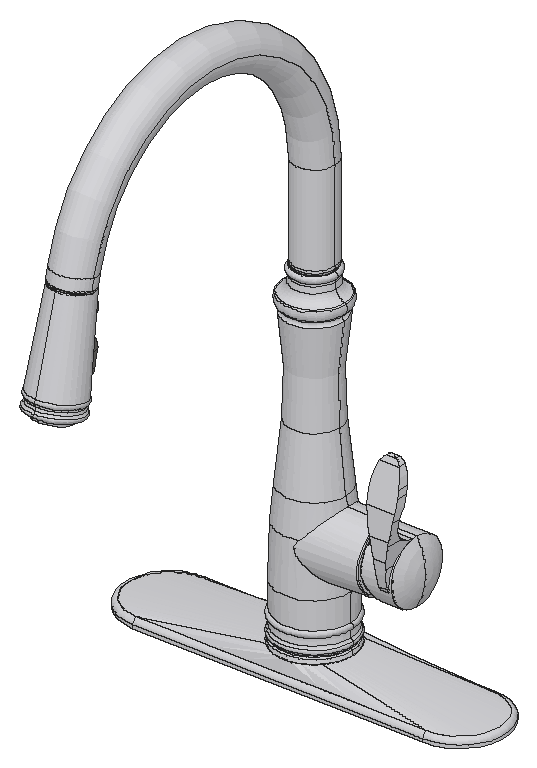
Revit family "Faucet_Touchless-Kitchen-KOHLER-Bellera-K-29108_1", category Plumbing Fixtures, host Face, Revit 2017 (continued)
Definition of nested family "K-29108"
  Lines and regions (in)
    symbolic lines, detail levels medium+fine
      curve 108: spline (-0.09575, 0, 9.93885) -> (-0.10627, 0, 9.93857) -> (-0.11608, 0, 9.93772) -> (-0.1245, 0, 9.93638) -> (-0.13096, 0, 9.93463) -> (-0.13503, 0, 9.93259) -> (-0.13641, 0, 9.9304) -> (-0.13503, 0, 9.92821) -> (-0.13096, 0, 9.92617) -> (-0.1245, 0, 9.92442) -> (-0.11608, 0, 9.92308) -> (-0.10627, 0, 9.92223) -> (-0.09575, 0, 9.92195)
      curve 109: line (-0.40901, 0, 9.98354) -> (-0.40901, 0, 10.02494)
      curve 110: line (-0.32768, 0, 9.98354) -> (-0.32768, 0, 10.03563)
      curve 111: line (-0.28324, 0, 9.95815) -> (-0.28324, 0, 10.03407)
      curve 112: line (-0.36457, 0, 9.95815) -> (-0.36457, 0, 9.99195)
      curve 113: line (-0.26577, 0, 9.93761) -> (-0.26577, 0, 10.01137)
      curve 114: spline (-0.30789, 0, 10.04925) -> (-0.31842, 0, 10.04896) -> (-0.32823, 0, 10.04812) -> (-0.33665, 0, 10.04678) -> (-0.34311, 0, 10.04502) -> (-0.34717, 0, 10.04299) -> (-0.34856, 0, 10.0408) -> (-0.34717, 0, 10.03861) -> (-0.34311, 0, 10.03657) -> (-0.33665, 0, 10.03482) -> (-0.32823, 0, 10.03348) -> (-0.31842, 0, 10.03263) -> (-0.30789, 0, 10.03234)
      curve 115: spline (-0.30789, 0, 10.03234) -> (-0.29737, 0, 10.03263) -> (-0.28756, 0, 10.03348) -> (-0.27914, 0, 10.03482) -> (-0.27268, 0, 10.03657) -> (-0.26862, 0, 10.03861) -> (-0.26723, 0, 10.0408) -> (-0.26862, 0, 10.04299) -> (-0.27268, 0, 10.04502) -> (-0.27914, 0, 10.04678) -> (-0.28756, 0, 10.04812) -> (-0.29737, 0, 10.04896) -> (-0.30789, 0, 10.04925)
      curve 116: spline (-0.22514, 0, 10.02019) -> (-0.23567, 0, 10.01991) -> (-0.24547, 0, 10.01906) -> (-0.2539, 0, 10.01772) -> (-0.26036, 0, 10.01597) -> (-0.26442, 0, 10.01393) -> (-0.2658, 0, 10.01174) -> (-0.26442, 0, 10.00955) -> (-0.26036, 0, 10.00751) -> (-0.2539, 0, 10.00576) -> (-0.24547, 0, 10.00442) -> (-0.23567, 0, 10.00357) -> (-0.22514, 0, 10.00329)
      curve 117: spline (-0.22514, 0, 10.00329) -> (-0.21462, 0, 10.00357) -> (-0.20481, 0, 10.00442) -> (-0.19639, 0, 10.00576) -> (-0.18993, 0, 10.00751) -> (-0.18587, 0, 10.00955) -> (-0.18448, 0, 10.01174) -> (-0.18587, 0, 10.01393) -> (-0.18993, 0, 10.01597) -> (-0.19639, 0, 10.01772) -> (-0.20481, 0, 10.01906) -> (-0.21462, 0, 10.01991) -> (-0.22514, 0, 10.02019)
      curve 118: spline (-0.22514, 0, 9.9953) -> (-0.23567, 0, 9.99502) -> (-0.24547, 0, 9.99417) -> (-0.2539, 0, 9.99283) -> (-0.26036, 0, 9.99108) -> (-0.26442, 0, 9.98904) -> (-0.2658, 0, 9.98685) -> (-0.26442, 0, 9.98466) -> (-0.26036, 0, 9.98262) -> (-0.2539, 0, 9.98087) -> (-0.24547, 0, 9.97953) -> (-0.23567, 0, 9.97868) -> (-0.22514, 0, 9.97839)
      curve 119: spline (-0.22514, 0, 9.97839) -> (-0.21462, 0, 9.97868) -> (-0.20481, 0, 9.97953) -> (-0.19639, 0, 9.98087) -> (-0.18993, 0, 9.98262) -> (-0.18587, 0, 9.98466) -> (-0.18448, 0, 9.98685) -> (-0.18587, 0, 9.98904) -> (-0.18993, 0, 9.99108) -> (-0.19639, 0, 9.99283) -> (-0.20481, 0, 9.99417) -> (-0.21462, 0, 9.99502) -> (-0.22514, 0, 9.9953)
      curve 120: spline (-0.17721, 0, 10.04911) -> (-0.18773, 0, 10.04882) -> (-0.19754, 0, 10.04798) -> (-0.20596, 0, 10.04663) -> (-0.21242, 0, 10.04488) -> (-0.21648, 0, 10.04284) -> (-0.21787, 0, 10.04066) -> (-0.21648, 0, 10.03847) -> (-0.21242, 0, 10.03643) -> (-0.20596, 0, 10.03468) -> (-0.19754, 0, 10.03333) -> (-0.18773, 0, 10.03249) -> (-0.17721, 0, 10.0322)
      curve 121: spline (-0.17721, 0, 10.0322) -> (-0.16668, 0, 10.03249) -> (-0.15687, 0, 10.03333) -> (-0.14845, 0, 10.03468) -> (-0.14199, 0, 10.03643) -> (-0.13793, 0, 10.03847) -> (-0.13654, 0, 10.04066) -> (-0.13793, 0, 10.04284) -> (-0.14199, 0, 10.04488) -> (-0.14845, 0, 10.04663) -> (-0.15687, 0, 10.04798) -> (-0.16668, 0, 10.04882) -> (-0.17721, 0, 10.04911)
      curve 122: spline (-0.09575, 0, 9.99009) -> (-0.10627, 0, 9.9898) -> (-0.11608, 0, 9.98896) -> (-0.1245, 0, 9.98762) -> (-0.13096, 0, 9.98587) -> (-0.13503, 0, 9.98383) -> (-0.13641, 0, 9.98164) -> (-0.13503, 0, 9.97945) -> (-0.13096, 0, 9.97741) -> (-0.1245, 0, 9.97566) -> (-0.11608, 0, 9.97432) -> (-0.10627, 0, 9.97347) -> (-0.09575, 0, 9.97318)
      curve 123: spline (-0.09575, 0, 9.97318) -> (-0.08522, 0, 9.97347) -> (-0.07542, 0, 9.97432) -> (-0.067, 0, 9.97566) -> (-0.06053, 0, 9.97741) -> (-0.05647, 0, 9.97945) -> (-0.05509, 0, 9.98164) -> (-0.05647, 0, 9.98383) -> (-0.06053, 0, 9.98587) -> (-0.067, 0, 9.98762) -> (-0.07542, 0, 9.98896) -> (-0.08522, 0, 9.9898) -> (-0.09575, 0, 9.99009)
      curve 124: spline (-0.09575, 0, 10.01956) -> (-0.10627, 0, 10.01927) -> (-0.11608, 0, 10.01843) -> (-0.1245, 0, 10.01708) -> (-0.13096, 0, 10.01533) -> (-0.13503, 0, 10.01329) -> (-0.13641, 0, 10.01111) -> (-0.13503, 0, 10.00892) -> (-0.13096, 0, 10.00688) -> (-0.1245, 0, 10.00513) -> (-0.11608, 0, 10.00378) -> (-0.10627, 0, 10.00294) -> (-0.09575, 0, 10.00265)
      curve 125: spline (-0.09575, 0, 10.00265) -> (-0.08522, 0, 10.00294) -> (-0.07542, 0, 10.00378) -> (-0.067, 0, 10.00513) -> (-0.06053, 0, 10.00688) -> (-0.05647, 0, 10.00892) -> (-0.05509, 0, 10.01111) -> (-0.05647, 0, 10.01329) -> (-0.06053, 0, 10.01533) -> (-0.067, 0, 10.01708) -> (-0.07542, 0, 10.01843) -> (-0.08522, 0, 10.01927) -> (-0.09575, 0, 10.01956)
      curve 126: spline (-0.06543, 0, 10.04411) -> (-0.07596, 0, 10.04383) -> (-0.08576, 0, 10.04298) -> (-0.09418, 0, 10.04164) -> (-0.10065, 0, 10.03989) -> (-0.10471, 0, 10.03785) -> (-0.10609, 0, 10.03566) -> (-0.10471, 0, 10.03347) -> (-0.10065, 0, 10.03143) -> (-0.09418, 0, 10.02968) -> (-0.08576, 0, 10.02834) -> (-0.07596, 0, 10.02749) -> (-0.06543, 0, 10.02721)
      curve 127: spline (-0.06543, 0, 10.02721) -> (-0.05491, 0, 10.02749) -> (-0.0451, 0, 10.02834) -> (-0.03668, 0, 10.02968) -> (-0.03022, 0, 10.03143) -> (-0.02616, 0, 10.03347) -> (-0.02477, 0, 10.03566) -> (-0.02616, 0, 10.03785) -> (-0.03022, 0, 10.03989) -> (-0.03668, 0, 10.04164) -> (-0.0451, 0, 10.04298) -> (-0.05491, 0, 10.04383) -> (-0.06543, 0, 10.04411)
      curve 128: line (-0.26723, 0, 10.0408) -> (-0.26723, 0, 10.08656)
      curve 129: line (-0.34856, 0, 10.0408) -> (-0.34856, 0, 10.07305)
      curve 130: line (-0.21787, 0, 10.04066) -> (-0.21787, 0, 10.07622)
      curve 131: line (-0.13654, 0, 10.04066) -> (-0.13654, 0, 10.08656)
      curve 132: line (-0.10609, 0, 10.03566) -> (-0.10609, 0, 10.08656)
      curve 133: line (-0.02477, 0, 10.03566) -> (-0.02477, 0, 10.08656)
      curve 134: line (-0.13641, 0, 9.9304) -> (-0.13641, 0, 10.04256)
      curve 135: line (-0.05509, 0, 9.9304) -> (-0.05509, 0, 10.02813)
      curve 136: line (-0.18444, 0, 9.93761) -> (-0.18444, 0, 10.03297)
      curve 137: line (-0.26577, 0, 10.01137) -> (-0.26577, 0, 10.06943)
      curve 138: spline (-0.20952, 0, 9.95538) -> (-0.19899, 0, 9.95567) -> (-0.18919, 0, 9.95652) -> (-0.18076, 0, 9.95786) -> (-0.1743, 0, 9.95961) -> (-0.17024, 0, 9.96165) -> (-0.16886, 0, 9.96384) -> (-0.17024, 0, 9.96603) -> (-0.1743, 0, 9.96807) -> (-0.18076, 0, 9.96982) -> (-0.18919, 0, 9.97116) -> (-0.19899, 0, 9.972) -> (-0.20952, 0, 9.97229)
      curve 139: spline (-0.20952, 0, 9.97229) -> (-0.22004, 0, 9.972) -> (-0.22985, 0, 9.97116) -> (-0.23827, 0, 9.96982) -> (-0.24473, 0, 9.96807) -> (-0.24879, 0, 9.96603) -> (-0.25018, 0, 9.96384) -> (-0.24879, 0, 9.96165) -> (-0.24473, 0, 9.95961) -> (-0.23827, 0, 9.95786) -> (-0.22985, 0, 9.95652) -> (-0.22004, 0, 9.95567) -> (-0.20952, 0, 9.95538)
      curve 140: line (-0.16886, 0, 9.96384) -> (-0.16886, 0, 10.03297)
      curve 141: line (-0.25018, 0, 9.96384) -> (-0.25018, 0, 10)
      curve 142: spline (0.36835, 0, 9.99199) -> (0.37887, 0, 9.9917) -> (0.38868, 0, 9.99086) -> (0.3971, 0, 9.98951) -> (0.40356, 0, 9.98776) -> (0.40762, 0, 9.98572) -> (0.40901, 0, 9.98354) -> (0.40762, 0, 9.98135) -> (0.40356, 0, 9.97931) -> (0.3971, 0, 9.97756) -> (0.38868, 0, 9.97621) -> (0.37887, 0, 9.97537) -> (0.36835, 0, 9.97508)
      curve 143: spline (0.36835, 0, 9.97508) -> (0.35782, 0, 9.97537) -> (0.34801, 0, 9.97621) -> (0.33959, 0, 9.97756) -> (0.33313, 0, 9.97931) -> (0.32907, 0, 9.98135) -> (0.32768, 0, 9.98354) -> (0.32907, 0, 9.98572) -> (0.33313, 0, 9.98776) -> (0.33959, 0, 9.98951) -> (0.34801, 0, 9.99086) -> (0.35782, 0, 9.9917) -> (0.36835, 0, 9.99199)
      curve 144: spline (0.3239, 0, 9.9666) -> (0.33443, 0, 9.96631) -> (0.34424, 0, 9.96547) -> (0.35266, 0, 9.96413) -> (0.35912, 0, 9.96238) -> (0.36318, 0, 9.96034) -> (0.36457, 0, 9.95815) -> (0.36318, 0, 9.95596) -> (0.35912, 0, 9.95392) -> (0.35266, 0, 9.95217) -> (0.34424, 0, 9.95083) -> (0.33443, 0, 9.94998) -> (0.3239, 0, 9.94969)
      curve 145: spline (0.3239, 0, 9.94969) -> (0.31338, 0, 9.94998) -> (0.30357, 0, 9.95083) -> (0.29515, 0, 9.95217) -> (0.28869, 0, 9.95392) -> (0.28463, 0, 9.95596) -> (0.28324, 0, 9.95815) -> (0.28463, 0, 9.96034) -> (0.28869, 0, 9.96238) -> (0.29515, 0, 9.96413) -> (0.30357, 0, 9.96547) -> (0.31338, 0, 9.96631) -> (0.3239, 0, 9.9666)
      curve 146: spline (0.2251, 0, 9.94606) -> (0.23563, 0, 9.94577) -> (0.24543, 0, 9.94493) -> (0.25386, 0, 9.94358) -> (0.26032, 0, 9.94183) -> (0.26438, 0, 9.9398) -> (0.26577, 0, 9.93761) -> (0.26438, 0, 9.93542) -> (0.26032, 0, 9.93338) -> (0.25386, 0, 9.93163) -> (0.24543, 0, 9.93029) -> (0.23563, 0, 9.92944) -> (0.2251, 0, 9.92915)
      curve 147: spline (0.2251, 0, 9.92915) -> (0.21458, 0, 9.92944) -> (0.20477, 0, 9.93029) -> (0.19635, 0, 9.93163) -> (0.18989, 0, 9.93338) -> (0.18583, 0, 9.93542) -> (0.18444, 0, 9.93761) -> (0.18583, 0, 9.9398) -> (0.18989, 0, 9.94183) -> (0.19635, 0, 9.94358) -> (0.20477, 0, 9.94493) -> (0.21458, 0, 9.94577) -> (0.2251, 0, 9.94606)
      curve 148: spline (0.09575, 0, 9.96245) -> (0.10627, 0, 9.96216) -> (0.11608, 0, 9.96131) -> (0.1245, 0, 9.95997) -> (0.13096, 0, 9.95822) -> (0.13503, 0, 9.95618) -> (0.13641, 0, 9.95399) -> (0.13503, 0, 9.9518) -> (0.13096, 0, 9.94976) -> (0.1245, 0, 9.94801) -> (0.11608, 0, 9.94667) -> (0.10627, 0, 9.94583) -> (0.09575, 0, 9.94554)
      curve 149: spline (0.09575, 0, 9.94554) -> (0.08522, 0, 9.94583) -> (0.07542, 0, 9.94667) -> (0.067, 0, 9.94801) -> (0.06053, 0, 9.94976) -> (0.05647, 0, 9.9518) -> (0.05509, 0, 9.95399) -> (0.05647, 0, 9.95618) -> (0.06053, 0, 9.95822) -> (0.067, 0, 9.95997) -> (0.07542, 0, 9.96131) -> (0.08522, 0, 9.96216) -> (0.09575, 0, 9.96245)
      curve 150: spline (0.09575, 0, 9.92195) -> (0.08522, 0, 9.92223) -> (0.07542, 0, 9.92308) -> (0.067, 0, 9.92442) -> (0.06053, 0, 9.92617) -> (0.05647, 0, 9.92821) -> (0.05509, 0, 9.9304) -> (0.05647, 0, 9.93259) -> (0.06053, 0, 9.93463) -> (0.067, 0, 9.93638) -> (0.07542, 0, 9.93772) -> (0.08522, 0, 9.93857) -> (0.09575, 0, 9.93885)
      curve 151: spline (0.09575, 0, 9.93885) -> (0.10627, 0, 9.93857) -> (0.11608, 0, 9.93772) -> (0.1245, 0, 9.93638) -> (0.13096, 0, 9.93463) -> (0.13503, 0, 9.93259) -> (0.13641, 0, 9.9304) -> (0.13503, 0, 9.92821) -> (0.13096, 0, 9.92617) -> (0.1245, 0, 9.92442) -> (0.11608, 0, 9.92308) -> (0.10627, 0, 9.92223) -> (0.09575, 0, 9.92195)
      curve 152: line (0.40901, 0, 9.98354) -> (0.40901, 0, 10.02494)
      curve 153: line (0.32768, 0, 9.98354) -> (0.32768, 0, 10.03341)
      curve 154: line (0.28324, 0, 9.95815) -> (0.28324, 0, 10.03407)
      curve 155: line (0.36457, 0, 9.95815) -> (0.36457, 0, 9.99195)
      curve 156: line (0.26577, 0, 9.93761) -> (0.26577, 0, 10.01137)
      curve 157: spline (0.30789, 0, 10.04925) -> (0.31842, 0, 10.04896) -> (0.32823, 0, 10.04812) -> (0.33665, 0, 10.04678) -> (0.34311, 0, 10.04502) -> (0.34717, 0, 10.04299) -> (0.34856, 0, 10.0408) -> (0.34717, 0, 10.03861) -> (0.34311, 0, 10.03657) -> (0.33665, 0, 10.03482) -> (0.32823, 0, 10.03348) -> (0.31842, 0, 10.03263) -> (0.30789, 0, 10.03234)
      curve 158: spline (0.30789, 0, 10.03234) -> (0.29737, 0, 10.03263) -> (0.28756, 0, 10.03348) -> (0.27914, 0, 10.03482) -> (0.27268, 0, 10.03657) -> (0.26862, 0, 10.03861) -> (0.26723, 0, 10.0408) -> (0.26862, 0, 10.04299) -> (0.27268, 0, 10.04502) -> (0.27914, 0, 10.04678) -> (0.28756, 0, 10.04812) -> (0.29737, 0, 10.04896) -> (0.30789, 0, 10.04925)
      curve 159: spline (0.22514, 0, 10.02019) -> (0.23567, 0, 10.01991) -> (0.24547, 0, 10.01906) -> (0.2539, 0, 10.01772) -> (0.26036, 0, 10.01597) -> (0.26442, 0, 10.01393) -> (0.2658, 0, 10.01174) -> (0.26442, 0, 10.00955) -> (0.26036, 0, 10.00751) -> (0.2539, 0, 10.00576) -> (0.24547, 0, 10.00442) -> (0.23567, 0, 10.00357) -> (0.22514, 0, 10.00329)
      curve 160: spline (0.22514, 0, 10.00329) -> (0.21462, 0, 10.00357) -> (0.20481, 0, 10.00442) -> (0.19639, 0, 10.00576) -> (0.18993, 0, 10.00751) -> (0.18587, 0, 10.00955) -> (0.18448, 0, 10.01174) -> (0.18587, 0, 10.01393) -> (0.18993, 0, 10.01597) -> (0.19639, 0, 10.01772) -> (0.20481, 0, 10.01906) -> (0.21462, 0, 10.01991) -> (0.22514, 0, 10.02019)
      curve 161: spline (0.22514, 0, 9.9953) -> (0.23567, 0, 9.99502) -> (0.24547, 0, 9.99417) -> (0.2539, 0, 9.99283) -> (0.26036, 0, 9.99108) -> (0.26442, 0, 9.98904) -> (0.2658, 0, 9.98685) -> (0.26442, 0, 9.98466) -> (0.26036, 0, 9.98262) -> (0.2539, 0, 9.98087) -> (0.24547, 0, 9.97953) -> (0.23567, 0, 9.97868) -> (0.22514, 0, 9.97839)
      curve 162: spline (0.22514, 0, 9.97839) -> (0.21462, 0, 9.97868) -> (0.20481, 0, 9.97953) -> (0.19639, 0, 9.98087) -> (0.18993, 0, 9.98262) -> (0.18587, 0, 9.98466) -> (0.18448, 0, 9.98685) -> (0.18587, 0, 9.98904) -> (0.18993, 0, 9.99108) -> (0.19639, 0, 9.99283) -> (0.20481, 0, 9.99417) -> (0.21462, 0, 9.99502) -> (0.22514, 0, 9.9953)
      curve 163: spline (0.17721, 0, 10.04911) -> (0.18773, 0, 10.04882) -> (0.19754, 0, 10.04798) -> (0.20596, 0, 10.04663) -> (0.21242, 0, 10.04488) -> (0.21648, 0, 10.04284) -> (0.21787, 0, 10.04066) -> (0.21648, 0, 10.03847) -> (0.21242, 0, 10.03643) -> (0.20596, 0, 10.03468) -> (0.19754, 0, 10.03333) -> (0.18773, 0, 10.03249) -> (0.17721, 0, 10.0322)
      curve 164: spline (0.17721, 0, 10.0322) -> (0.16668, 0, 10.03249) -> (0.15687, 0, 10.03333) -> (0.14845, 0, 10.03468) -> (0.14199, 0, 10.03643) -> (0.13793, 0, 10.03847) -> (0.13654, 0, 10.04066) -> (0.13793, 0, 10.04284) -> (0.14199, 0, 10.04488) -> (0.14845, 0, 10.04663) -> (0.15687, 0, 10.04798) -> (0.16668, 0, 10.04882) -> (0.17721, 0, 10.04911)
      curve 165: spline (0.09575, 0, 9.99009) -> (0.10627, 0, 9.9898) -> (0.11608, 0, 9.98896) -> (0.1245, 0, 9.98762) -> (0.13096, 0, 9.98587) -> (0.13503, 0, 9.98383) -> (0.13641, 0, 9.98164) -> (0.13503, 0, 9.97945) -> (0.13096, 0, 9.97741) -> (0.1245, 0, 9.97566) -> (0.11608, 0, 9.97432) -> (0.10627, 0, 9.97347) -> (0.09575, 0, 9.97318)
      curve 166: spline (0.09575, 0, 9.97318) -> (0.08522, 0, 9.97347) -> (0.07542, 0, 9.97432) -> (0.067, 0, 9.97566) -> (0.06053, 0, 9.97741) -> (0.05647, 0, 9.97945) -> (0.05509, 0, 9.98164) -> (0.05647, 0, 9.98383) -> (0.06053, 0, 9.98587) -> (0.067, 0, 9.98762) -> (0.07542, 0, 9.98896) -> (0.08522, 0, 9.9898) -> (0.09575, 0, 9.99009)
      curve 167: spline (0.09575, 0, 10.01956) -> (0.10627, 0, 10.01927) -> (0.11608, 0, 10.01843) -> (0.1245, 0, 10.01708) -> (0.13096, 0, 10.01533) -> (0.13503, 0, 10.01329) -> (0.13641, 0, 10.01111) -> (0.13503, 0, 10.00892) -> (0.13096, 0, 10.00688) -> (0.1245, 0, 10.00513) -> (0.11608, 0, 10.00378) -> (0.10627, 0, 10.00294) -> (0.09575, 0, 10.00265)
      curve 168: spline (0.09575, 0, 10.00265) -> (0.08522, 0, 10.00294) -> (0.07542, 0, 10.00378) -> (0.067, 0, 10.00513) -> (0.06053, 0, 10.00688) -> (0.05647, 0, 10.00892) -> (0.05509, 0, 10.01111) -> (0.05647, 0, 10.01329) -> (0.06053, 0, 10.01533) -> (0.067, 0, 10.01708) -> (0.07542, 0, 10.01843) -> (0.08522, 0, 10.01927) -> (0.09575, 0, 10.01956)
      curve 169: spline (0.06543, 0, 10.04411) -> (0.07596, 0, 10.04383) -> (0.08576, 0, 10.04298) -> (0.09418, 0, 10.04164) -> (0.10065, 0, 10.03989) -> (0.10471, 0, 10.03785) -> (0.10609, 0, 10.03566) -> (0.10471, 0, 10.03347) -> (0.10065, 0, 10.03143) -> (0.09418, 0, 10.02968) -> (0.08576, 0, 10.02834) -> (0.07596, 0, 10.02749) -> (0.06543, 0, 10.02721)
      curve 170: spline (0.06543, 0, 10.02721) -> (0.05491, 0, 10.02749) -> (0.0451, 0, 10.02834) -> (0.03668, 0, 10.02968) -> (0.03022, 0, 10.03143) -> (0.02616, 0, 10.03347) -> (0.02477, 0, 10.03566) -> (0.02616, 0, 10.03785) -> (0.03022, 0, 10.03989) -> (0.03668, 0, 10.04164) -> (0.0451, 0, 10.04298) -> (0.05491, 0, 10.04383) -> (0.06543, 0, 10.04411)
      curve 171: line (0.26723, 0, 10.0408) -> (0.26723, 0, 10.08656)
      curve 172: line (0.34856, 0, 10.0408) -> (0.34856, 0, 10.07305)
      curve 173: line (0.21787, 0, 10.04066) -> (0.21787, 0, 10.07622)
      curve 174: line (0.13654, 0, 10.04066) -> (0.13654, 0, 10.08656)
      curve 175: line (0.10609, 0, 10.03566) -> (0.10609, 0, 10.08656)
      curve 176: line (0.02477, 0, 10.03566) -> (0.02477, 0, 10.08656)
      curve 177: line (0.13641, 0, 9.9304) -> (0.13641, 0, 10.04256)
      curve 178: line (0.05509, 0, 9.9304) -> (0.05509, 0, 10.02748)
      curve 179: line (0.18444, 0, 9.93761) -> (0.18444, 0, 10.03234)
      curve 180: line (0.26577, 0, 10.01137) -> (0.26577, 0, 10.06943)
      curve 181: spline (0.20952, 0, 9.95538) -> (0.19899, 0, 9.95567) -> (0.18919, 0, 9.95652) -> (0.18076, 0, 9.95786) -> (0.1743, 0, 9.95961) -> (0.17024, 0, 9.96165) -> (0.16886, 0, 9.96384) -> (0.17024, 0, 9.96603) -> (0.1743, 0, 9.96807) -> (0.18076, 0, 9.96982) -> (0.18919, 0, 9.97116) -> (0.19899, 0, 9.972) -> (0.20952, 0, 9.97229)
      curve 182: spline (0.20952, 0, 9.97229) -> (0.22004, 0, 9.972) -> (0.22985, 0, 9.97116) -> (0.23827, 0, 9.96982) -> (0.24473, 0, 9.96807) -> (0.24879, 0, 9.96603) -> (0.25018, 0, 9.96384) -> (0.24879, 0, 9.96165) -> (0.24473, 0, 9.95961) -> (0.23827, 0, 9.95786) -> (0.22985, 0, 9.95652) -> (0.22004, 0, 9.95567) -> (0.20952, 0, 9.95538)
      curve 183: line (0.16886, 0, 9.96384) -> (0.16886, 0, 10.03238)
      curve 184: line (0.25018, 0, 9.96384) -> (0.25018, 0, 10)
      curve 185: spline (-0.57079, 0, 10.05979) -> (-0.63045, 0, 10.08218) -> (-0.66968, 0, 10.1064) -> (-0.6872, 0, 10.13169) -> (-0.68245, 0, 10.15722) -> (-0.65558, 0, 10.18215) -> (-0.60745, 0, 10.20569) -> (-0.53964, 0, 10.22707) -> (-0.45433, 0, 10.24559) -> (-0.35429, 0, 10.26066) -> (-0.24278, 0, 10.27179) -> (-0.12339, 0, 10.27861) -> (0, 0, 10.28091)
      curve 186: spline (0, 0, 10.28091) -> (0.13756, 0, 10.27805) -> (0.26957, 0, 10.26957) -> (0.3907, 0, 10.25583) -> (0.49605, 0, 10.23737) -> (0.58138, 0, 10.21493) -> (0.64323, 0, 10.18944) -> (0.67912, 0, 10.16191) -> (0.68759, 0, 10.13346) -> (0.66831, 0, 10.10523) -> (0.62204, 0, 10.07836) -> (0.55066, 0, 10.05395) -> (0.45705, 0, 10.03297)
      curve 187: spline (0, 0, 10.72139) -> (-0.08756, 0, 10.7203) -> (-0.17386, 0, 10.71705) -> (-0.25763, 0, 10.71169) -> (-0.33767, 0, 10.70428) -> (-0.41281, 0, 10.69495) -> (-0.48197, 0, 10.68382) -> (-0.54414, 0, 10.67106) -> (-0.59841, 0, 10.65685) -> (-0.64401, 0, 10.6414) -> (-0.68027, 0, 10.62493) -> (-0.70667, 0, 10.60768) -> (-0.72282, 0, 10.5899)
      curve 188: spline (0.72468, 0, 10.58654) -> (0.71018, 0, 10.60466) -> (0.68505, 0, 10.62229) -> (0.64968, 0, 10.63914) -> (0.60459, 0, 10.65499) -> (0.55046, 0, 10.66958) -> (0.4881, 0, 10.68269) -> (0.41843, 0, 10.69414) -> (0.34251, 0, 10.70376) -> (0.26147, 0, 10.71138) -> (0.17652, 0, 10.71692) -> (0.08892, 0, 10.72027) -> (0, 0, 10.72139)
      curve 189: spline (-0.56268, 0, 13.00243) -> (-0.55849, 0, 13.01767) -> (-0.54463, 0, 13.03267) -> (-0.52134, 0, 13.04715) -> (-0.48903, 0, 13.06089) -> (-0.44825, 0, 13.07363) -> (-0.39971, 0, 13.08516) -> (-0.34426, 0, 13.09527) -> (-0.28284, 0, 13.10379) -> (-0.21653, 0, 13.11058) -> (-0.14647, 0, 13.11551) -> (-0.07387, 0, 13.11851) -> (0, 0, 13.11951)
      curve 190: spline (0.56268, 0, 13.00243) -> (0.55849, 0, 13.01767) -> (0.54463, 0, 13.03267) -> (0.52134, 0, 13.04715) -> (0.48903, 0, 13.06089) -> (0.44825, 0, 13.07363) -> (0.39971, 0, 13.08516) -> (0.34426, 0, 13.09527) -> (0.28284, 0, 13.10379) -> (0.21653, 0, 13.11058) -> (0.14647, 0, 13.11551) -> (0.07387, 0, 13.11851) -> (0, 0, 13.11951)
      curve 191: line (0, -0.70049, 6.0363) -> (0, -0.66323, 6.13996)
  Dimensions and locks (in)
    plane 4 to level = 10"
    plane 1 "Center (Front/Back)" to plane 5 = 9"
    plane 7 to level = 17 1/4"
    plane 9 to plane 8 = 10 1/2"
    plane 12 to level = 5 3/4"
    plane 13 to plane 3 "Center (Left/Right)" = 3 1/16"
    plane 16 to level = 6.32039"
    plane 8 to plane 9 = 10 1/2"
    plane 16 to plane 17 = 3 1/16"
    plane 22 to level = 9/16"
    locked: plane 14 to plane 15 at 2.125
    plane 10 to plane 11 = 2 1/8"
    aligned and locked: plane 2 to level
    aligned and locked: cut or joined group of Revolve 1, Sweep 2, Revolve 4, Extrusion 5, Extrusion 6, Extrusion 11 to curve 20
    aligned and locked: Masking region 1 sketch curve to curve 4
Definition of nested family "K-29108_Escutcheon_Plate"
  Parameters (values of type "K-29108_Escutcheon_Plate")
    Material = none
    Escutcheon Plate = yes
  Reference planes (in)
    plane 1 "Center (Front/Back)": y = 0
    plane 2: z = 0
    plane 3 "Center (Left/Right)": x = 0
    plane 4: x = -5.25
    plane 5: x = 5.25
    plane 6: y = 1.25
    plane 7: y = -1.25
    plane 8: z = 0.5625
    plane 9: through (0, 0, 48) normal (-0.7071, 0.7071, 0)
    plane 10: through (0, 0, 48) normal (0.7071, 0.7071, 0)
    plane 11: through (0, 0, 48) normal (0.7071, -0.7071, 0)
    plane 12: through (0, 0, 48) normal (-0.7071, -0.7071, 0)
    plane 13: y = 1.0625
    plane 14: y = -1.0625
    plane 15: x = 1.0625
    plane 16: x = -1.0625
  Forms (in)
    Sweep 1, solid, material <- "Material", visible <- "Escutcheon Plate", detail levels medium+fine
      path origin (0, 0, 0) x (1, 0, 0) y (0, 1, 0)
        loop
          line (4.00002, 1.25) -> (-4.00002, 1.25)
          arc (-4.00002, 1.25) -> (-5.25002, 0) -> (-4.00002, -1.25) r 1.25
          line (-4.00002, -1.25) -> (4.00002, -1.25)
          arc (4.00002, -1.25) -> (5.25002, 0) -> (4.00002, 1.25) r 1.25
      profile origin (-5.25002, 0, 0) x (-1, 0, 0) y (0, 0, 1)
        loop
          arc (0, 0.08179) -> (-0.04092, 0.18058) -> (-0.13971, 0.2215) r 0.13971
          line (-0.13971, 0.2215) -> (-0.13971, 0) -> (0, 0) -> (0, 0.08179)
    Extrusion 2, solid, material <- "Material", visible <- "Escutcheon Plate", detail levels medium+fine
      sketch origin (0, 0, 0) x (1, 0, 0) y (0, 1, 0)
        loop
          arc (-4.00002, 1.11029) -> (-5.11031, 0) -> (-4.00002, -1.11029) r 1.11029
          line (-4.00002, -1.11029) -> (4.00002, -1.11029)
          arc (4.00002, -1.11029) -> (5.11031, 0) -> (4.00002, 1.11029) r 1.11029
          line (4.00002, 1.11029) -> (-4.00002, 1.11029)
      from 0 to 0.2215
    Blend 3, solid, material <- "Material", visible <- "Escutcheon Plate", detail levels medium+fine
      base sketch origin (0, 0, 0) x (1, 0, 0) y (0, 1, 0)
        loop
          line (4.00002, 1.11029) -> (-4.00002, 1.11029)
          arc (-4.00002, 1.11029) -> (-5.11031, 0) -> (-4.00002, -1.11029) r 1.11029
          line (-4.00002, -1.11029) -> (4.00002, -1.11029)
          arc (4.00002, -1.11029) -> (5.11031, 0) -> (4.00002, 1.11029) r 1.11029
      top sketch origin (0, 0, 0) x (1, 0, 0) y (0, 1, 0)
        loop
          arc (-0.75547, 0.7471) -> (-1.0625, 0.00121) -> (-0.75717, -0.74539) r 1.0625
          arc (-0.75717, -0.74539) -> (0.00171, -1.0625) -> (0.75956, -0.74295) r 1.0625
          arc (0.75956, -0.74295) -> (1.06249, 0.00453) -> (0.7532, 0.7494) r 1.0625
          arc (0.7532, 0.7494) -> (-0.00162, 1.0625) -> (-0.75547, 0.7471) r 1.0625
      from 0.2215 to 0.5625
    Extrusion 4, solid, material <- "Material", visible <- "Escutcheon Plate", detail levels coarse
      sketch origin (0, 0, 0) x (1, 0, 0) y (0, 1, 0)
        loop
          arc (-4.00002, 1.25) -> (-5.25002, 0) -> (-4.00002, -1.25) r 1.25
          line (-4.00002, -1.25) -> (4.00002, -1.25)
          arc (4.00002, -1.25) -> (5.25002, 0) -> (4.00002, 1.25) r 1.25
          line (4.00002, 1.25) -> (-4.00002, 1.25)
      from 0 to 0.5625
  Cuts and joins
    joined: Sweep 1, Extrusion 2
  Lines and regions (in)
    Masking region 1, visible <- "Escutcheon Plate"
      outline origin (0, 0, 0) x (1, 0, 0) y (0, 1, 0)
        loop
          arc (-4.00002, 1.25) -> (-5.25002, 0) -> (-4.00002, -1.25) r 1.25
          line (-4.00002, -1.25) -> (4.00002, -1.25)
          arc (4.00002, -1.25) -> (5.25002, 0) -> (4.00002, 1.25) r 1.25
          line (4.00002, 1.25) -> (-4.00002, 1.25)
    Masking region 2, visible <- "Escutcheon Plate"
      outline origin (0, 0, 0) x (1, 0, 0) y (0, 0, 1)
        loop
          line (-5.25, 0) -> (5.25, 0) -> (5.25, 0.08594)
          arc (5.25, 0.08594) -> (5.21448, 0.17707) -> (5.12665, 0.22013) r 0.13466
          line (5.12665, 0.22013) -> (1.06463, 0.5625) -> (-1.06463, 0.5625) -> (-5.12665, 0.22013)
          arc (-5.12665, 0.22013) -> (-5.21448, 0.17707) -> (-5.25, 0.08594) r 0.13466
          line (-5.25, 0.08594) -> (-5.25, 0)
    Masking region 3, visible <- "Escutcheon Plate"
      outline origin (0, 0, 0) x (0, 1, 0) y (0, 0, 1)
        loop
          line (1.25, 0) -> (1.25, 0.08878)
          arc (1.25, 0.08878) -> (1.20863, 0.18506) -> (1.11031, 0.22132) r 0.13272
          line (1.11031, 0.22132) -> (1.0625, 0.5625) -> (-1.0625, 0.5625) -> (-1.11031, 0.22132)
          arc (-1.11031, 0.22132) -> (-1.20863, 0.18506) -> (-1.25, 0.08878) r 0.13272
          line (-1.25, 0.08878) -> (-1.25, 0) -> (1.25, 0)
    symbolic lines, visible <- "Escutcheon Plate", detail levels medium+fine
      curve 1: line (-3.99841, 1.11771, 0) -> (4.00164, 1.11771, 0)
      curve 2: arc (-3.99841, -1.10286, 0) -> (-5.10869, 0.00743, 0) -> (-3.99841, 1.11771, 0) r 1.11029
      curve 3: line (4.00164, -1.10286, 0) -> (-3.99841, -1.10286, 0)
      curve 4: arc (4.00164, 1.11771, 0) -> (5.11192, 0.00743, 0) -> (4.00164, -1.10286, 0) r 1.11029
      curve 5: line (-5.12665, 0, 0.22013) -> (5.12665, 0, 0.22013)
      curve 6: line (0, 1.11029, 0.2215) -> (0, -1.11029, 0.2215)
  Dimensions and locks (in)
    plane 7 to plane 6 = 2 1/2"
    plane 8 to level = 9/16"
    locked: plane 4 to plane 5 at 10.5
    aligned and locked: plane 2 to level
Types (4): name | Type | Model | Finish
  (no name) | 1 | "K-29108-CP" | Kohler-Metal-CP-Polished_Chrome
  CP-Polished Chrome | 1 | "K-29108-CP" | Kohler-Metal-CP-Polished_Chrome
  VS-Vibrant Stainless | 2 | "K-29108-VS" | Kohler-Metal-VS-Vibrant_Stainless
  2BZ-Oil-Rubbed Bronze | 3 | "K-29108-2BZ" | Kohler-Metal-2BZ-Oil_Rubbed_Bronze
